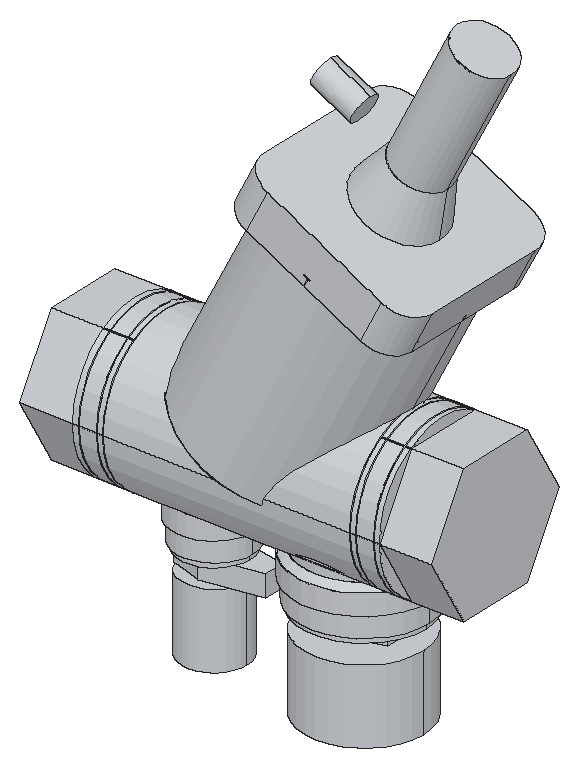
Revit family "PV_Compact_DN040_ 20-80_FF_měř_RFA_2018", category Pipe Accessories, Revit 2018
Family settings
  Round Connector Dimension = Use Diameter
  Part Type = Valve - Breaks Into
  Work Plane-Based = No
  Always vertical = Yes
  Cut with Voids When Loaded = No
  Shared = No
Parameters (values of type "PV Compact DN40 FF s měřením ( 20-80kPa)")
  magiProductId = "8dd334465d8f48dd802c3dab6bec5b"
  magiProductFamilyId = "17221e4467384e4990f0bd3f9c07cb"
  magiPartTypeId = 304
  isMeasuringValve [instance] = no
  ang2D [instance] = 0.00°
  Z7 = 15 mm
  Z6 = 46.8 mm
  Z5 = 109.2 mm
  Z4 = 93.6 mm
  Z3 = 15.6 mm
  Z2 = 78 mm
  XR3 = 42.5 mm
  XR2 = 37.5 mm
  XR1 = 25.5 mm
  W2D = 15 mm
  VersionID = "2.0/2018.12.13.2/FRESE_PV_COMPACT_PLUG_Q13_001"
  Use Minimum Symbol Size [instance] = no
  URL = "www.hydronix.cz"
  Type Comments = "závitový s vnitřním závitem; dvěma měřicími vsuvkami; PN25; dpmax=450kPa; -10~+120°C;"
  R5 = 5 mm
  R4 = 15 mm
  R3 = 10 mm
  R2 = 26.5 mm
  R1 = 31.5 mm
  QmdConnectorList = "301;D;302;D"
  Productdata [instance] = ""
  PH__ve = -PH  # -11.2 mm
  PH = 11.2 mm
  NL__ve = -NL  # -27.6 mm
  NL = 27.6 mm
  Manufacturer = "Hydronix"
  MC Use Limits From Balancing Method = no
  MC Throttling Minimum Value = 0
  MC Throttling Maximum Value = 0
  MC Product Code = "53-3216 DN40; FF; nastavitelný rozsah dp=20~80kPa; Q=3000~8000l/h;  kvs=15,8"
  MC Pressure Drop Minimum Value = 0.0 Pa
  MC Pressure Drop Maximum Value = 0.0 Pa
  MC Piping Given Pressure Drop [instance] = 0.0 Pa
  M5 = 51.4 mm
  M4 = 49.4 mm
  M3 = 43.4 mm
  M2 = 41.4 mm
  LP = 69 mm
  LM = 82.8 mm
  LL__ve = -LL  # -7.1 mm
  LLT__ve = -LLT  # -24.7 mm
  LLT = 24.7 mm
  LL2 = 46 mm
  LL = 7.1 mm
  L3 = 25 mm
  L2D_Min = 30.48 mm
  L2D = 65 mm
  Description = "Nastavitelný regulátor tlakové diference"
  DR1 = no
  DR0 = yes
  DL2 = 66 mm
  D = 40 mm
  CenSd_R2_6 = R2 * cos(30.00°)  # 22.95 mm
  CAT0 = yes
  C0D1 = no
  C0D0 = yes
Types (10, lengths in mm): name | magiProductId | Z6 | Z5 | Z4 | Z3 | Z2 | XR3 | XR2 | XR1 | R2 | R1 | PH__ve | PH | NL__ve | NL | MC Product Code | M5 | M4 | M3 | M2 | LP | LM | LL__ve | LLT__ve | LLT | LL2 | LL | L3 | D | CenSd_R2_6
  PV Compact DN15 FF s měřením ( 20-60kPa) | "92c6061b2d364c498536f200ceae3f" | 24.6 | 57.4 | 49.2 | 8.2 | 41 | 30 | 25 | 13 | 14 | 19 | -22.4 | 22.4 | -15 | 15 | "53-3205 DN15; FF; nastavitelný rozsah dp=20~60kPa; Q=100~1000l/h;  kvs=2,9" | 32.5 | 30.5 | 24.5 | 22.5 | 37.5 | 45 | -5.7 | -14.9 | 14.9 | 32 | 5.7 | 11 | 15 | 12.124
  PV Compact DN15 FF s měřením (  5-30kPa) | "f361d342a5c3496a8b127ae77303d4" | 24.6 | 57.4 | 49.2 | 8.2 | 41 | 30 | 25 | 13 | 14 | 19 | -22.4 | 22.4 | -15 | 15 | "53-3204 DN15; FF; nastavitelný rozsah dp=5~30kPa; Q=50~600l/h;  kvs=2,9" | 32.5 | 30.5 | 24.5 | 22.5 | 37.5 | 45 | -5.7 | -14.9 | 14.9 | 32 | 5.7 | 11 | 15 | 12.124
  PV Compact DN20 FF s měřením ( 20-60kPa) | "9f7cac6a20a942348ba3edadb25c10" | 24.6 | 57.4 | 49.2 | 8.2 | 41 | 30 | 25 | 13 | 14 | 19 | -22.4 | 22.4 | -15.8 | 15.8 | "53-3207 DN20; FF; nastavitelný rozsah dp=20~60kPa; Q=150~2000l/h;  kvs=3,5" | 33.7 | 31.7 | 25.7 | 23.7 | 39.5 | 47.4 | -5.7 | -14.9 | 14.9 | 32 | 5.7 | 11 | 20 | 12.124
  PV Compact DN20 FF s měřením (  5-30kPa) | "db23a1b537c14a0d8d3ef5b88ba9f3" | 24.6 | 57.4 | 49.2 | 8.2 | 41 | 30 | 25 | 13 | 14 | 19 | -22.4 | 22.4 | -15.8 | 15.8 | "53-3206 DN20; FF; nastavitelný rozsah dp=5~30kPa; Q=100~1000l/h;  kvs=3,5" | 33.7 | 31.7 | 25.7 | 23.7 | 39.5 | 47.4 | -5.7 | -14.9 | 14.9 | 32 | 5.7 | 11 | 20 | 12.124
  PV Compact DN25 FF s měřením (  5-30kPa) | "df9f1d59aa4a4bbbaec25e168ba07d" | 25.5 | 59.5 | 51 | 8.5 | 42.5 | 30 | 25 | 13 | 14 | 19 | -20.8 | 20.8 | -16.6 | 16.6 | "53-3208 DN25; FF; nastavitelný rozsah dp=5~30kPa; Q=600~2100l/h;  kvs=4,0" | 34.9 | 32.9 | 26.9 | 24.9 | 41.5 | 49.8 | -5.9 | -16.3 | 16.3 | 34 | 5.9 | 11 | 25 | 12.124
  PV Compact DN25L FF s měřením ( 20-80kPa) | "87b7cca8bace4074a54840dfb5d8dc" | 40.2 | 93.8 | 80.4 | 13.4 | 67 | 42.5 | 37.5 | 25.5 | 26.5 | 31.5 | -17.6 | 17.6 | -20 | 20 | "53-3211 DN25L; FF; nastavitelný rozsah dp=20~80kPa; Q=750~4200l/h;  kvs=8,7" | 40 | 38 | 32 | 30 | 50 | 60 | -6.3 | -19.1 | 19.1 | 38 | 6.3 | 11 | 25 | 22.95
  PV Compact DN25L FF s měřením (  5-30kPa) | "5f34f6c18cbb44599cc4b76a533b7b" | 40.2 | 93.8 | 80.4 | 13.4 | 67 | 42.5 | 37.5 | 25.5 | 26.5 | 31.5 | -17.6 | 17.6 | -20 | 20 | "53-3210 DN25L; FF; nastavitelný rozsah dp=5~30kPa; Q=600~2500l/h;  kvs=8,7" | 40 | 38 | 32 | 30 | 50 | 60 | -6.3 | -19.1 | 19.1 | 38 | 6.3 | 11 | 25 | 22.95
  PV Compact DN32 FF s měřením ( 20-80kPa) | "4a8a1c2c3ced401aa76adec660b182" | 40.2 | 93.8 | 80.4 | 13.4 | 67 | 42.5 | 37.5 | 25.5 | 26.5 | 31.5 | -13.6 | 13.6 | -20.8 | 20.8 | "53-3214 DN32; FF; nastavitelný rozsah dp=20~80kPa; Q=1000~5000l/h;  kvs=10,1" | 41.2 | 39.2 | 33.2 | 31.2 | 52 | 62.4 | -6.8 | -22.6 | 22.6 | 43 | 6.8 | 25 | 32 | 22.95
  PV Compact DN40 FF s měřením ( 20-80kPa) | "8dd334465d8f48dd802c3dab6bec5b" | 46.8 | 109.2 | 93.6 | 15.6 | 78 | 42.5 | 37.5 | 25.5 | 26.5 | 31.5 | -11.2 | 11.2 | -27.6 | 27.6 | "53-3216 DN40; FF; nastavitelný rozsah dp=20~80kPa; Q=3000~8000l/h;  kvs=15,8" | 51.4 | 49.4 | 43.4 | 41.4 | 69 | 82.8 | -7.1 | -24.7 | 24.7 | 46 | 7.1 | 25 | 40 | 22.95
  PV Compact DN50 FF s měřením ( 20-80kPa) | "de24153ded7e41748f92358b184bd6" | 46.8 | 109.2 | 93.6 | 15.6 | 78 | 42.5 | 37.5 | 25.5 | 35.25 | 31.5 | -6.4 | 6.4 | -27.6 | 27.6 | "53-3218 DN50; FF; nastavitelný rozsah dp=20~80kPa; Q=5000~11500l/h;  kvs=16,2" | 51.4 | 49.4 | 43.4 | 41.4 | 69 | 82.8 | -7.7 | -28.9 | 28.9 | 52 | 7.7 | 25 | 50 | 30.527
Reference planes
  plane 1 "Center (Front/Back)": y = 0
  plane 2 "XYPLANE": z = 0
  plane 3 "Center (Left/Right)": x = 0
  plane 4 "408": x = 69
  plane 5 "407": x = -69
  plane 6 "402": z = -66
  plane 7 "213": x = 25
  plane 8 "168": z = -20.7
  plane 9 "167": z = -22.7
  plane 10 "166": z = -29.8
  plane 11 "165": z = -36.9
  plane 12 "164": z = -38.9
  plane 13 "154": z = 0
  plane 14 "152": y = 0
  plane 15 "151": z = -46
  plane 16 "150": x = -25
  plane 17 "75": through (307.08, 0, 685.28) normal (0.891, 0, -0.454)
  plane 18 "74": x = 51.4
  plane 19 "73": x = 49.4
  plane 20 "72": x = 43.4
  plane 21 "71": x = 41.4
  plane 22 "70": x = -51.4
  plane 23 "69": x = -49.4
  plane 24 "68": x = -43.4
  plane 25 "67": y = 0
  plane 26 "66": through (-666.893, 0, 343.166) normal (0.454, 0, 0.891)
  plane 27 "65": x = -41.4
  plane 28 "64": through (335.147, 0, 670.979) normal (0.891, 0, -0.454)
  plane 29 "63": through (-632.844, 0, 409.991) normal (0.454, 0, 0.891)
  plane 30 "62": through (363.214, 0, 656.678) normal (0.891, 0, -0.454)
  plane 31 "61": y = 31.5
  plane 32 "60": y = -31.5
  plane 33 "59": through (-625.761, 0, 423.891) normal (0.454, 0, 0.891)
  plane 34 "58": through (-618.679, 0, 437.791) normal (0.454, 0, 0.891)
  plane 35 "57": through (302.625, 0, 687.549) normal (0.891, 0, -0.454)
  plane 36 "56": x = 0
  plane 37 "55": through (-668.255, 0, 340.493) normal (0.454, 0, 0.891)
  plane 38 "102XY": through (-668.255, 0, 340.493) normal (0.454, 0, 0.891)
  plane 39 "102XZ": y = 0
  plane 40 "102YZ": through (340.493, 0, 668.255) normal (0.891, 0, -0.454)
Forms (mm)
  Extrusion 1, solid
    sketch origin (69, -750, 0) x (0, 1, 0) y (0, 0, 1)
      loop
        line (776.5, 0) -> (763.25, 22.95) -> (736.75, 22.95) -> (723.5, 0) -> (736.75, -22.95) -> (763.25, -22.95) -> (776.5, 0)
    from 0 to -27.6 <- "NL__ve"
  Extrusion 2, solid
    sketch origin (-69, -750, 0) x (0, 1, 0) y (0, 0, 1)
      loop
        line (723.5, 0) -> (736.75, -22.95) -> (763.25, -22.95) -> (776.5, 0) -> (763.25, 22.95) -> (736.75, 22.95) -> (723.5, 0)
    from 0 to 27.6 <- "NL"
  Extrusion 3, solid, visible <- "C0D1"
    sketch origin (-750, 0, -66) x (1, 0, 0) y (0, 1, 0)
      loop
        circle (775, 0) r 24
    from 0 to 50
  Extrusion 4, solid, visible <- "DR1"
    sketch origin (-750, 0, -29.8) x (1, 0, 0) y (0, 1, 0)
      loop
        line (775, -24.5) -> (790.292, -6) -> (790.292, 6) -> (775, 24.5) -> (750.608, 6) -> (750.608, -6) -> (775, -24.5)
    from 0 to -11.2 <- "PH__ve"
  Extrusion 5, solid, visible <- "DR1"
    sketch origin (-750, 0, -29.8) x (1, 0, 0) y (0, 1, 0)
      loop
        circle (775, 0) r 24
    from 0 to 7.1 <- "LL"
  Blend 6, solid, visible <- "DR1"
    base sketch origin (-750, 0, -20.7) x (1, 0, 0) y (0, 1, 0)
      loop
        circle (775, 0) r 21.5
    top sketch origin (-750, 0, -20.7) x (1, 0, 0) y (0, 1, 0)
      loop
        circle (775, 0) r 24
    from 0 to -2
  Extrusion 7, solid, visible <- "DR1"
    sketch origin (-750, 0, 0) x (1, 0, 0) y (0, 1, 0)
      loop
        circle (775, 0) r 21.5
    from 0 to -24.7 <- "LLT__ve"
  Extrusion 8, solid, visible <- "C0D0"
    sketch origin (-750, 0, -46) x (1, 0, 0) y (0, 1, 0)
      loop
        circle (775, 0) r 20
    from 0 to -25
  Extrusion 9, solid, visible <- "DR0"
    sketch origin (-750, 0, -38.9) x (1, 0, 0) y (0, 1, 0)
      loop
        line (775, -7) -> (785.962, -3.5) -> (785.962, 3.5) -> (775, 7) -> (754.938, 3.5) -> (754.938, -3.5) -> (775, -7)
    from 0 to -7.1 <- "LL__ve"
  Extrusion 10, solid, visible <- "DR0"
    sketch origin (-750, 0, -38.9) x (1, 0, 0) y (0, 1, 0)
      loop
        circle (775, 0) r 21
    from 0 to 2
  Extrusion 11, solid, visible <- "DR0"
    sketch origin (-750, 0, -29.8) x (1, 0, 0) y (0, 1, 0)
      loop
        circle (775, 0) r 23
    from 0 to 7.1 <- "LL"
  Blend 12, solid, visible <- "DR0"
    base sketch origin (-750, 0, -20.7) x (1, 0, 0) y (0, 1, 0)
      loop
        circle (775, 0) r 20.5
    top sketch origin (-750, 0, -20.7) x (1, 0, 0) y (0, 1, 0)
      loop
        circle (775, 0) r 23
    from 0 to -2
  Extrusion 13, solid, visible <- "DR0"
    sketch origin (-750, 0, 0) x (1, 0, 0) y (0, 1, 0)
      loop
        circle (775, 0) r 20.5
    from 0 to -24.7 <- "LLT__ve"
  Extrusion 14, solid, visible <- "DR0"
    sketch origin (-750, 0, 0) x (1, 0, 0) y (0, 1, 0)
      loop
        circle (775, 0) r 20.5
    from 0 to -24.7 <- "LLT__ve"
  Blend 15, solid, visible <- "DR0"
    base sketch origin (-750, 0, -20.7) x (1, 0, 0) y (0, 1, 0)
      loop
        circle (775, 0) r 20.5
    top sketch origin (-750, 0, -20.7) x (1, 0, 0) y (0, 1, 0)
      loop
        circle (775, 0) r 23
    from 0 to -2
  Extrusion 16, solid, visible <- "DR0"
    sketch origin (-750, 0, -29.8) x (1, 0, 0) y (0, 1, 0)
      loop
        circle (775, 0) r 23
    from 0 to 7.1 <- "LL"
  Extrusion 17, solid, visible <- "DR0"
    sketch origin (-750, 0, -36.9) x (1, 0, 0) y (0, 1, 0)
      loop
        circle (775, 0) r 22
    from 0 to 7.1 <- "LL"
  Extrusion 18, solid, visible <- "DR0"
    sketch origin (-750, 0, -38.9) x (1, 0, 0) y (0, 1, 0)
      loop
        circle (775, 0) r 21
    from 0 to 2
  Extrusion 19, solid, visible <- "DR0"
    sketch origin (-750, 0, -38.9) x (1, 0, 0) y (0, 1, 0)
      loop
        line (775, -7) -> (785.962, -3.5) -> (785.962, 3.5) -> (775, 7) -> (754.938, 3.5) -> (754.938, -3.5) -> (775, -7)
    from 0 to -7.1 <- "LL__ve"
  Extrusion 20, solid, visible <- "C0D0"
    sketch origin (-750, 0, -46) x (1, 0, 0) y (0, 1, 0)
      loop
        circle (775, 0) r 20
    from 0 to -25
  Extrusion 21, solid, visible <- "CAT0"
    sketch origin (-750, 0, -46) x (1, 0, 0) y (0, 1, 0)
      loop
        circle (725, 0) r 10.9
    from 0 to -25
  Extrusion 22, solid
    sketch origin (-750, 0, -38.9) x (1, 0, 0) y (0, 1, 0)
      loop
        line (725, -7) -> (745.062, -3.5) -> (745.062, 3.5) -> (725, 7) -> (714.038, 3.5) -> (714.038, -3.5) -> (725, -7)
    from 0 to -7.1 <- "LL__ve"
  Extrusion 23, solid
    sketch origin (-750, 0, -38.9) x (1, 0, 0) y (0, 1, 0)
      loop
        circle (725, 0) r 11.9
    from 0 to 2
  Extrusion 24, solid
    sketch origin (-750, 0, -36.9) x (1, 0, 0) y (0, 1, 0)
      loop
        circle (725, 0) r 12.9
    from 0 to 7.1 <- "LL"
  Extrusion 25, solid
    sketch origin (-750, 0, -29.8) x (1, 0, 0) y (0, 1, 0)
      loop
        circle (725, 0) r 13.9
    from 0 to 7.1 <- "LL"
  Blend 26, solid
    base sketch origin (-750, 0, -20.7) x (1, 0, 0) y (0, 1, 0)
      loop
        circle (725, 0) r 11.4
    top sketch origin (-750, 0, -20.7) x (1, 0, 0) y (0, 1, 0)
      loop
        circle (725, 0) r 13.9
    from 0 to -2
  Extrusion 27, solid
    sketch origin (-750, 0, 0) x (1, 0, 0) y (0, 1, 0)
      loop
        circle (725, 0) r 11.4
    from 0 to -24.7 <- "LLT__ve"
  Blend 28, solid, visible <- "CAT0"
    base sketch origin (49.4, -750, 0) x (0, 1, 0) y (0, 0, 1)
      loop
        circle (750, 0) r 26.5
    top sketch origin (49.4, -750, 0) x (0, 1, 0) y (0, 0, 1)
      loop
        circle (750, 0) r 26.5
    from 0 to 2
  Extrusion 29, solid, visible <- "CAT0"
    sketch origin (43.4, -750, 0) x (0, 1, 0) y (0, 0, 1)
      loop
        circle (750, 0) r 26.5
    from 0 to 6
  Blend 30, solid, visible <- "CAT0"
    base sketch origin (41.4, -750, 0) x (0, 1, 0) y (0, 0, 1)
      loop
        circle (750, 0) r 26.5
    top sketch origin (41.4, -750, 0) x (0, 1, 0) y (0, 0, 1)
      loop
        circle (750, 0) r 26.5
    from 0 to 2
  Blend 31, solid, visible <- "CAT0"
    base sketch origin (-49.4, -750, 0) x (0, 1, 0) y (0, 0, 1)
      loop
        circle (750, 0) r 26.5
    top sketch origin (-49.4, -750, 0) x (0, 1, 0) y (0, 0, 1)
      loop
        circle (750, 0) r 26.5
    from 0 to -2
  Extrusion 32, solid, visible <- "CAT0"
    sketch origin (-49.4, -750, 0) x (0, 1, 0) y (0, 0, 1)
      loop
        circle (750, 0) r 26.5
    from 0 to 6
  Blend 33, solid, visible <- "CAT0"
    base sketch origin (-43.4, -750, 0) x (0, 1, 0) y (0, 0, 1)
      loop
        circle (750, 0) r 26.5
    top sketch origin (-43.4, -750, 0) x (0, 1, 0) y (0, 0, 1)
      loop
        circle (750, 0) r 26.5
    from 0 to 2
  Extrusion 34, solid, visible <- "CAT0"
    sketch origin (-41.4, -750, 0) x (0, 1, 0) y (0, 0, 1)
      loop
        circle (750, 0) r 26.5
    from 0 to 82.8 <- "LM"
  Extrusion 35, solid, visible <- "CAT0"
    sketch origin (-666.893, 0, 343.166) x (0.891007, 0, -0.45399) y (0, 1, 0)
      loop
        circle (744, 0) r 31.5
    from 0 to 78 <- "Z2"
  Extrusion 36, solid, visible <- "CAT0"
    sketch origin (-632.844, 0, 409.991) x (0.891007, 0, -0.45399) y (0, 1, 0)
      loop
        arc (722.5, 31.5) -> (715.429, 28.571) -> (712.5, 21.5) r 10
        line (712.5, 21.5) -> (712.5, -21.5)
        arc (712.5, -21.5) -> (715.429, -28.571) -> (722.5, -31.5) r 10
        line (722.5, -31.5) -> (765.5, -31.5)
        arc (765.5, -31.5) -> (772.571, -28.571) -> (775.5, -21.5) r 10
        line (775.5, -21.5) -> (775.5, 21.5)
        arc (775.5, 21.5) -> (772.571, 28.571) -> (765.5, 31.5) r 10
        line (765.5, 31.5) -> (722.5, 31.5)
    from 0 to 15.6 <- "Z3"
  Blend 37, solid, visible <- "CAT0"
    base sketch origin (-625.761, 0, 423.891) x (0.891007, 0, -0.45399) y (0, 1, 0)
      loop
        circle (744, 0) r 15
    top sketch origin (-625.761, 0, 423.891) x (0.891007, 0, -0.45399) y (0, 1, 0)
      loop
        circle (744, 0) r 10
    from 0 to 15.6
  Extrusion 38, solid, visible <- "CAT0"
    sketch origin (-618.679, 0, 437.791) x (0.891007, 0, -0.45399) y (0, 1, 0)
      loop
        circle (744, 0) r 10
    from 0 to 46.8 <- "Z6"
  Extrusion 39, solid, visible <- "CAT0"
    sketch origin (302.625, 0, 687.549) x (-0.45399, 0, -0.891007) y (0, 1, 0)
      loop
        circle (640.8, 0) r 5
    from 0 to 15 <- "Z7"
  Blend 40, solid, visible <- "CAT0"
    base sketch origin (-668.255, 0, 340.493) x (0.891007, 0, -0.45399) y (0, 1, 0)
      loop
        circle (744, 0) r 27.5
    top sketch origin (-668.255, 0, 340.493) x (0.891007, 0, -0.45399) y (0, 1, 0)
      loop
        circle (744, 0) r 31.5
    from 0 to 3
  Extrusion 41, solid, not visible
    sketch origin (-51.4, -750, 0) x (0, 1, 0) y (0, 0, 1)
      loop
        circle (750, 0) r 22.5
    from 0 to 10
  Extrusion 42, solid, not visible
    sketch origin (51.4, -750, 0) x (0, 1, 0) y (0, 0, 1)
      loop
        circle (750, 0) r 22.5
    from 0 to -10
Lines and regions (mm)
  reference lines, not visible
    curve 1: circle (2, 2, 0) r 1 normal (0, 0, 1)
  reference lines
    curve 2: line (69, 0, 0) -> (69, -3.5, 6.062)
    curve 3: line (69, 0, 0) -> (69, -7, 0)
    curve 4: line (69, 0, 0) -> (69, -3.5, -6.062)
    curve 5: line (-69, 0, 0) -> (-69, 3.5, 6.062)
    curve 6: line (-69, 0, 0) -> (-69, 7, 0)
    curve 7: line (-69, 0, 0) -> (-69, 3.5, -6.062)
Dimensions and locks
  plane 1 "Center (Front/Back)" to curve 1 = 2 mm
  "LP": plane 36 "56" to plane 4 "408"
  "LP": plane 36 "56" to plane 5 "407"
  "DL2": plane 2 "XYPLANE" to plane 6 "402"
  "L3": plane 3 "Center (Left/Right)" to plane 7 "213"
  locked: plane 9 "167" to plane 8 "168" at 2
  "LL": plane 10 "166" to plane 9 "167"
  "LL": plane 11 "165" to plane 10 "166"
  locked: plane 12 "164" to plane 11 "165" at 2
  "LL": plane 15 "151" to plane 12 "164"
  locked: plane 2 "XYPLANE" to plane 13 "154"
  locked: plane 1 "Center (Front/Back)" to plane 14 "152"
  "LL2": plane 2 "XYPLANE" to plane 15 "151"
  "L3": plane 3 "Center (Left/Right)" to plane 16 "150"
  "XR2": plane 40 "102YZ" to plane 17 "75"
  "M5": plane 3 "Center (Left/Right)" to plane 18 "74"
  "M4": plane 3 "Center (Left/Right)" to plane 19 "73"
  "M3": plane 3 "Center (Left/Right)" to plane 20 "72"
  "M2": plane 3 "Center (Left/Right)" to plane 21 "71"
  "M5": plane 3 "Center (Left/Right)" to plane 22 "70"
  "M4": plane 3 "Center (Left/Right)" to plane 23 "69"
  "M3": plane 3 "Center (Left/Right)" to plane 24 "68"
  locked: plane 14 "152" to plane 25 "67"
  locked: plane 38 "102XY" to plane 26 "66" at 3
  "M2": plane 3 "Center (Left/Right)" to plane 27 "65"
  locked: plane 40 "102YZ" to plane 28 "64" at 6
  "Z2": plane 38 "102XY" to plane 29 "63"
  "XR1": plane 40 "102YZ" to plane 30 "62"
  "R1": plane 14 "152" to plane 31 "61"
  "R1": plane 14 "152" to plane 32 "60"
  "Z4": plane 38 "102XY" to plane 33 "59"
  "Z5": plane 38 "102XY" to plane 34 "58"
  "XR3": plane 40 "102YZ" to plane 35 "57"
  locked: plane 3 "Center (Left/Right)" to plane 36 "56"
  locked: plane 38 "102XY" to plane 37 "55"
  "CenSd_R2_6": curve 2 to Extrusion 1 sketch curve  (x2)
  "CenSd_R2_6": curve 3 to Extrusion 1 sketch curve  (x2)
  "CenSd_R2_6": curve 4 to Extrusion 1 sketch curve  (x2)
  Extrusion 1 sketch curve to Extrusion 1 sketch curve = 0 mm  (x12)
  "CenSd_R2_6": curve 5 to Extrusion 2 sketch curve  (x2)
  "CenSd_R2_6": curve 6 to Extrusion 2 sketch curve  (x2)
  "CenSd_R2_6": curve 7 to Extrusion 2 sketch curve  (x2)
  Extrusion 2 sketch curve to Extrusion 2 sketch curve = 0 mm  (x12)
  Extrusion 4 sketch curve to Extrusion 4 sketch curve = 0 mm  (x12)
  Extrusion 9 sketch curve to Extrusion 9 sketch curve = 0 mm  (x12)
  Extrusion 19 sketch curve to Extrusion 19 sketch curve = 0 mm  (x12)
  Extrusion 22 sketch curve to Extrusion 22 sketch curve = 0 mm  (x12)
  Extrusion 36 sketch curve to Extrusion 36 sketch curve = 0 mm  (x16)
  "R2": radius of Blend 28 sketch curve  (x2)
  "R2": radius of Extrusion 29 sketch curve
  "R2": radius of Blend 30 sketch curve  (x2)
  "R2": radius of Blend 31 sketch curve  (x2)
  "R2": radius of Extrusion 32 sketch curve
  "R2": radius of Blend 33 sketch curve  (x2)
  "R2": radius of Extrusion 34 sketch curve
  "R1": radius of Extrusion 35 sketch curve
  radius of Extrusion 36 sketch curve = 10 mm  (x4)
  "R3": radius of Blend 37 sketch curve
  "R4": radius of Blend 37 sketch curve
  "R3": radius of Extrusion 38 sketch curve
  "R5": radius of Extrusion 39 sketch curve
  "R1": radius of Blend 40 sketch curve
  locked: curve 3 to curve 2 (angle 60.00°)
  locked: curve 4 to curve 3 (angle 60.00°)
  locked: curve 4 to curve 2 (angle 120.00°)
  locked: curve 6 to curve 5 (angle 60.00°)
  locked: curve 7 to curve 6 (angle 60.00°)
  locked: curve 7 to curve 5 (angle 120.00°)
  aligned and locked: level to plane 2 "XYPLANE"
  aligned and locked: plane 13 "154" to curve 4
  aligned and locked: curve 4 to plane 14 "152"
  aligned and locked: plane 13 "154" to curve 7
  aligned and locked: curve 7 to plane 14 "152"
  aligned and locked: plane 7 "213" to Extrusion 3 sketch curve
  aligned and locked: plane 14 "152" to Extrusion 3 sketch curve
  aligned and locked: plane 7 "213" to Extrusion 5 sketch curve
  aligned and locked: plane 14 "152" to Extrusion 5 sketch curve
  aligned and locked: plane 7 "213" to Blend 6 sketch curve  (x2)
  aligned and locked: plane 14 "152" to Blend 6 sketch curve  (x2)
  aligned and locked: Blend 6 to plane 9 "167"
  aligned and locked: plane 7 "213" to Extrusion 7 sketch curve
  aligned and locked: plane 14 "152" to Extrusion 7 sketch curve
  aligned and locked: plane 7 "213" to Extrusion 8 sketch curve
  aligned and locked: plane 14 "152" to Extrusion 8 sketch curve
  aligned and locked: plane 7 "213" to Extrusion 10 sketch curve
  aligned and locked: plane 14 "152" to Extrusion 10 sketch curve
  aligned and locked: plane 7 "213" to Extrusion 11 sketch curve
  aligned and locked: plane 14 "152" to Extrusion 11 sketch curve
  aligned and locked: plane 7 "213" to Blend 12 sketch curve  (x2)
  aligned and locked: plane 14 "152" to Blend 12 sketch curve  (x2)
  aligned and locked: Blend 12 to plane 9 "167"
  aligned and locked: plane 7 "213" to Extrusion 13 sketch curve
  aligned and locked: plane 14 "152" to Extrusion 13 sketch curve
  aligned and locked: plane 7 "213" to Extrusion 14 sketch curve
  aligned and locked: plane 14 "152" to Extrusion 14 sketch curve
  aligned and locked: plane 7 "213" to Blend 15 sketch curve  (x2)
  aligned and locked: plane 14 "152" to Blend 15 sketch curve  (x2)
  aligned and locked: Blend 15 to plane 9 "167"
  aligned and locked: plane 7 "213" to Extrusion 16 sketch curve
  aligned and locked: plane 14 "152" to Extrusion 16 sketch curve
  aligned and locked: plane 7 "213" to Extrusion 17 sketch curve
  aligned and locked: plane 14 "152" to Extrusion 17 sketch curve
  aligned and locked: plane 7 "213" to Extrusion 18 sketch curve
  aligned and locked: plane 14 "152" to Extrusion 18 sketch curve
  aligned and locked: plane 7 "213" to Extrusion 20 sketch curve
  aligned and locked: plane 14 "152" to Extrusion 20 sketch curve
  aligned and locked: plane 14 "152" to Extrusion 21 sketch curve
  aligned and locked: plane 16 "150" to Extrusion 21 sketch curve
  aligned and locked: plane 14 "152" to Extrusion 23 sketch curve
  aligned and locked: plane 16 "150" to Extrusion 23 sketch curve
  aligned and locked: plane 14 "152" to Extrusion 24 sketch curve
  aligned and locked: plane 16 "150" to Extrusion 24 sketch curve
  aligned and locked: plane 14 "152" to Extrusion 25 sketch curve
  aligned and locked: plane 16 "150" to Extrusion 25 sketch curve
  aligned and locked: plane 14 "152" to Blend 26 sketch curve  (x2)
  aligned and locked: plane 16 "150" to Blend 26 sketch curve  (x2)
  aligned and locked: Blend 26 to plane 9 "167"
  aligned and locked: plane 14 "152" to Extrusion 27 sketch curve
  aligned and locked: plane 16 "150" to Extrusion 27 sketch curve
  aligned and locked: plane 13 "154" to Blend 28 sketch curve  (x2)
  aligned and locked: Blend 28 sketch curve to plane 14 "152"  (x2)
  aligned and locked: plane 18 "74" to Blend 28
  aligned and locked: plane 13 "154" to Extrusion 29 sketch curve
  aligned and locked: Extrusion 29 sketch curve to plane 14 "152"
  aligned and locked: plane 13 "154" to Blend 30 sketch curve  (x2)
  aligned and locked: Blend 30 sketch curve to plane 14 "152"  (x2)
  aligned and locked: plane 20 "72" to Blend 30
  aligned and locked: plane 13 "154" to Blend 31 sketch curve  (x2)
  aligned and locked: Blend 31 sketch curve to plane 14 "152"  (x2)
  aligned and locked: Blend 31 to plane 22 "70"
  aligned and locked: plane 13 "154" to Extrusion 32 sketch curve
  aligned and locked: Extrusion 32 sketch curve to plane 14 "152"
  aligned and locked: plane 13 "154" to Blend 33 sketch curve  (x2)
  aligned and locked: Blend 33 sketch curve to plane 14 "152"  (x2)
  aligned and locked: plane 27 "65" to Blend 33
  aligned and locked: plane 13 "154" to Extrusion 34 sketch curve
  aligned and locked: Extrusion 34 sketch curve to plane 14 "152"
  aligned and locked: plane 25 "67" to Extrusion 35 sketch curve
  aligned and locked: Extrusion 35 sketch curve to plane 28 "64"
  aligned and locked: Extrusion 36 sketch curve to plane 17 "75"
  aligned and locked: Extrusion 36 sketch curve to plane 32 "60"
  aligned and locked: Extrusion 36 sketch curve to plane 30 "62"
  aligned and locked: plane 31 "61" to Extrusion 36 sketch curve
  aligned and locked: plane 25 "67" to Blend 37 sketch curve  (x2)
  aligned and locked: Blend 37 sketch curve to plane 28 "64"  (x2)
  aligned and locked: plane 34 "58" to Blend 37
  aligned and locked: plane 25 "67" to Extrusion 38 sketch curve
  aligned and locked: Extrusion 38 sketch curve to plane 28 "64"
  aligned and locked: plane 25 "67" to Extrusion 39 sketch curve
  aligned and locked: plane 34 "58" to Extrusion 39 sketch curve
  aligned and locked: plane 25 "67" to Blend 40 sketch curve  (x2)
  aligned and locked: Blend 40 sketch curve to plane 28 "64"  (x2)
  aligned and locked: plane 26 "66" to Blend 40
  aligned and locked: plane 13 "154" to Extrusion 41 sketch curve
  aligned and locked: Extrusion 41 sketch curve to plane 14 "152"
  aligned and locked: plane 13 "154" to Extrusion 42 sketch curve
  aligned and locked: Extrusion 42 sketch curve to plane 14 "152"
Automatic sketch dimensions
  plane 3 "Center (Left/Right)" to Extrusion 3 sketch curve = 1 mm
  Extrusion 4 sketch curve to plane 7 "213" = 0 mm  (x2)
  plane 3 "Center (Left/Right)" to Extrusion 4 sketch curve = 0.608 mm
  Extrusion 4 sketch curve to plane 21 "71" = 1.108 mm
  plane 32 "60" to Extrusion 4 sketch curve = 7 mm
  plane 1 "Center (Front/Back)" to Extrusion 4 sketch curve = 6 mm  (x2)
  Extrusion 4 sketch curve to plane 1 "Center (Front/Back)" = 6 mm  (x2)
  Extrusion 4 sketch curve to plane 31 "61" = 7 mm
  plane 3 "Center (Left/Right)" to Extrusion 5 sketch curve = 1 mm
  plane 3 "Center (Left/Right)" to Blend 6 sketch curve = 3.5 mm
  plane 3 "Center (Left/Right)" to Blend 6 sketch curve = 1 mm
  plane 3 "Center (Left/Right)" to Extrusion 7 sketch curve = 3.5 mm
  plane 3 "Center (Left/Right)" to Extrusion 8 sketch curve = 5 mm
  Extrusion 9 sketch curve to plane 7 "213" = 0 mm  (x2)
  plane 3 "Center (Left/Right)" to Extrusion 9 sketch curve = 4.938 mm
  Extrusion 9 sketch curve to plane 21 "71" = 5.438 mm
  plane 1 "Center (Front/Back)" to Extrusion 9 sketch curve = 7 mm
  plane 1 "Center (Front/Back)" to Extrusion 9 sketch curve = 3.5 mm  (x2)
  Extrusion 9 sketch curve to plane 1 "Center (Front/Back)" = 3.5 mm  (x2)
  Extrusion 9 sketch curve to Extrusion 9 sketch curve = 3.5 mm
  plane 3 "Center (Left/Right)" to Extrusion 10 sketch curve = 4 mm
  plane 3 "Center (Left/Right)" to Extrusion 11 sketch curve = 2 mm
  plane 3 "Center (Left/Right)" to Blend 12 sketch curve = 4.5 mm
  plane 3 "Center (Left/Right)" to Blend 12 sketch curve = 2 mm
  plane 3 "Center (Left/Right)" to Extrusion 13 sketch curve = 4.5 mm
  plane 3 "Center (Left/Right)" to Extrusion 14 sketch curve = 4.5 mm
  plane 3 "Center (Left/Right)" to Blend 15 sketch curve = 4.5 mm
  plane 3 "Center (Left/Right)" to Blend 15 sketch curve = 2 mm
  plane 3 "Center (Left/Right)" to Extrusion 16 sketch curve = 2 mm
  plane 3 "Center (Left/Right)" to Extrusion 17 sketch curve = 3 mm
  plane 3 "Center (Left/Right)" to Extrusion 18 sketch curve = 4 mm
  Extrusion 19 sketch curve to plane 7 "213" = 0 mm  (x2)
  plane 3 "Center (Left/Right)" to Extrusion 19 sketch curve = 4.938 mm
  Extrusion 19 sketch curve to plane 21 "71" = 5.438 mm
  plane 1 "Center (Front/Back)" to Extrusion 19 sketch curve = 7 mm
  plane 1 "Center (Front/Back)" to Extrusion 19 sketch curve = 3.5 mm  (x2)
  Extrusion 19 sketch curve to plane 1 "Center (Front/Back)" = 3.5 mm  (x2)
  Extrusion 19 sketch curve to Extrusion 19 sketch curve = 3.5 mm
  plane 3 "Center (Left/Right)" to Extrusion 20 sketch curve = 5 mm
  plane 27 "65" to Extrusion 21 sketch curve = 5.5 mm
  Extrusion 22 sketch curve to plane 16 "150" = 0 mm  (x2)
  plane 27 "65" to Extrusion 22 sketch curve = 5.438 mm
  Extrusion 22 sketch curve to plane 3 "Center (Left/Right)" = 4.938 mm
  plane 1 "Center (Front/Back)" to Extrusion 22 sketch curve = 7 mm
  plane 1 "Center (Front/Back)" to Extrusion 22 sketch curve = 3.5 mm  (x2)
  Extrusion 22 sketch curve to plane 1 "Center (Front/Back)" = 3.5 mm  (x2)
  Extrusion 22 sketch curve to Extrusion 22 sketch curve = 3.5 mm
  plane 27 "65" to Extrusion 23 sketch curve = 4.5 mm
  plane 27 "65" to Extrusion 24 sketch curve = 3.5 mm
  plane 27 "65" to Extrusion 25 sketch curve = 2.5 mm
  plane 27 "65" to Blend 26 sketch curve = 5 mm
  plane 27 "65" to Blend 26 sketch curve = 2.5 mm
  plane 27 "65" to Extrusion 27 sketch curve = 5 mm
  plane 17 "75" to Blend 40 sketch curve = 4 mm
  plane 32 "60" to Extrusion 41 sketch curve = 9 mm
  plane 32 "60" to Extrusion 42 sketch curve = 9 mm
  plane 3 "Center (Left/Right)" to curve 1 = 2 mm
  radius of curve 1 = 1 mm
Connectors
  piping at (-51.4, 0, 0), diameter 40, driven by "D"
    settings: on Extrusion 41, index 1, connector inside diameter 609.6 mm, connector length 0 mm, flow factor 0, pipe flow 0.0 L/s, pressure drop 0.0 Pa, fitting loss kfactor 0, connector angle 0.00°, fixture units 0, engagement length 0 mm, angle of deflection 0.00°, flow configuration 0, flow direction 0, fitting loss method 0, system type 29, joint type 0, gender type 0, connector reference index 2, connector utility 0, adjustable connector no, is connector primary yes, connector description ""
  piping at (51.4, 0, 0), diameter 40, driven by "D"
    settings: on Extrusion 42, index 2, connector inside diameter 609.6 mm, connector length 0 mm, flow factor 0, pipe flow 0.0 L/s, pressure drop 0.0 Pa, fitting loss kfactor 0, connector angle 0.00°, fixture units 0, engagement length 0 mm, angle of deflection 0.00°, flow configuration 0, flow direction 0, fitting loss method 0, system type 29, joint type 0, gender type 0, connector reference index 1, connector utility 0, adjustable connector no, is connector primary no, connector description ""
